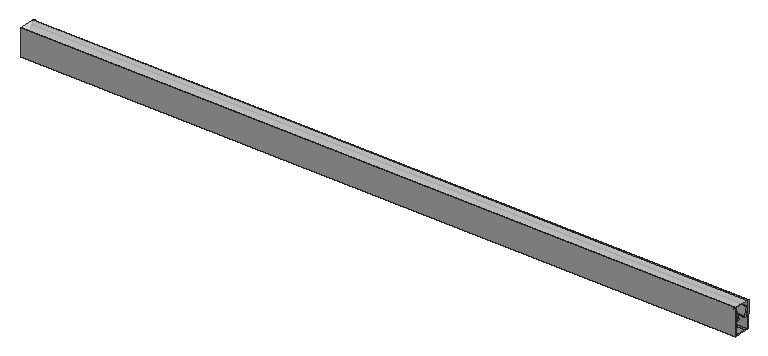
Revit family "2093123 Sylvania Lighting Fixture MC2 2-4M 3K DALI WHT OPAL Surface", category Lighting Fixtures, host Face, Revit 2016
Family settings
  Host = Face
  Part Type = Normal
  Round Connector Dimension = Use Diameter
  OmniClass Number = 23.80.70.11.17
  OmniClass Title = Specialized Lighting by Location or Use
  Cut with Voids When Loaded = No
  Light Source = Yes
  Shared = No
  Room Calculation Point = No
Parameters (values of type "2093123 MC2 2.4M 3K DALI WHT OPAL Surface")
  Width_SYL = 54.0 mm
  Weight = "5.0 kg"
  Wattage = 42 W
  WarrantyStartDate [instance] = "n/a"
  WarrantyGuarantorParts = "n/a"
  WarrantyDurationUnit = "n/a"
  WarrantyDurationParts = "n/a"
  WarrantyDescription = "n/a"
  built-in parameter 1150110 = 1 (stored number, unit not read)
  Voltage = 0 V
  URL = "http://www.sylvania-lighting.com"
  TypeName = "MC2 2.4M 3K DALI WHT OPAL Surface"
  built-in parameter 1114217 = 1 (stored number, unit not read)
  Tilt Angle = -90.00°
  built-in parameter 1150109 = 1 (stored number, unit not read)
  built-in parameter 1150134 = (empty or 0)
  built-in parameter 1150113 = 1 (stored number, unit not read)
  SerialNumber [instance] = "n/a"
  PowerFactor = 0.98
  PowerConsumption = "42 W"
  NominalWidth = 0.0 mm
  NominalLength = 2400.0 mm
  NominalHeight = 86.0 mm
  Name = "MC2 2.4M 3K DALI WHT OPAL Surface"
  ModelReference = "MC2 2.4M 3K DALI WHT OPAL Surface"
  ModelNumber = "2093123"
  Material_3_SYL = Metal_Sylvania_Mini Contiuum II_Silver
  Photometric Web File = "2093123.ies"
  Material_4_SYL = Metal_Sylvania_Mini Contiuum II_Silver
  Material = "aluminium housing, polycarbonate diffuser"
  ManufacturerName = "Feilo Sylvania"
  LuminousEfficacy = "105 lm/W"
  LuminaireType = ""
  LightOutputRatio = "100"
  Length_SYL = 2400.0 mm
  LampsType = Lamp  # "LED"
  LampNominalLuminous = "4414 lm"
  LampMacAdamStep = "3"
  LampColourTemperature = "3000 K"
  LampColourRenderingIndex = "80"
  Keynote = "16500"
  InstallationDate [instance] = "n/a"
  InputVoltage = "n/a"
  InputNominalFrequency = "n/a"
  IngressProtection = "IP20"
  ImpactProtectionIndex = "n/a"
  IfcExportType = "IfcLightFixtureType"
  IfcExportAs = "IfcLightFixtureType"
  Height_SYL = 86.0 mm
  ExpectedLife = 50000
  EndCapRight_SYL [instance] = no
  EndCapLeft_SYL [instance] = no
  Emit from Rectangle Width = Width_SYL - 2.0 mm  # 52.0 mm
  Emit from Rectangle Length = Length_SYL  # 2400.0 mm
  Emit Shape Visible in Rendering = no
  ElectricShockClassification = "Class I"
  DurationUnit = "hours"
  DocumentationLiterature = "http://www.sylvania-lighting.com/product/en-int/products/2093123"
  DimmingControlOptions = "n/a"
  CreatedOn = "10/15/2018"
  CreatedBy = "@sylvania-lighting.com"
  built-in parameter 1114216 [instance] = 1 (stored number, unit not read)
  Model = "MC2 2.4M 3K DALI WHT OPAL Surface"
  Manufacturer = "Feilo Sylvania"
  built-in parameter 1150105 = 350.94 (stored number, unit not read)
  Lumens = 4410 lm
  built-in parameter 1150115 = 1 (stored number, unit not read)
  built-in parameter 1150137 = (empty or 0)
  built-in parameter 1150139 = (empty or 0)
  built-in parameter 1150112 = 1 (stored number, unit not read)
  built-in parameter 1150114 = 1 (stored number, unit not read)
  Lamp = "LED"
  built-in parameter 1150132 = 2
  built-in parameter 1150102 = (empty or 0)
  built-in parameter 1150107 = 3000 (stored number, unit not read)
  built-in parameter 1150138 = (empty or 0)
  built-in parameter 1150106 = 3.5094 (stored number, unit not read)
  Material_1_SYL = Metal_Sylvania_Mini Continuum II_White
  built-in parameter 1150104 = 9.7548 (stored number, unit not read)
  Dimming Lamp Color Temperature Shift = <None>
  Material_2_SYL = Polycarbonate_Sylvania_Mini Continuum II_Opal_4000K
  Description = "2093123   MC2 2.4M 3K DALI WHT OPAL  Continuous lines of LED light, white RAL 9016, direct distribution, trimless detail for a seamless finish, suitable for recessed, semi-recessed, surface-mounted or suspended installation either horizontally or vertically, various accessories available, compact and minimalist design based on the Golden Mean, ideal for offices, meeting rooms, corridors, education facilities, museums and libraries, extruded aluminium body, diffuser: opal, colour temperature: 3000K warm white, total system power: 42W, total fixture output: 4414lm, luminaire efficacy: 105lm/W, LOR: 100%, colour rendering: Ra >80, LED Chromacity: 1 step MacAdam ellipse, lifetime: 60,000 hours at 90% of the original output (L90), energy class: A++, A+, A, IR/UV free light source without heat radiation, operating voltage: 220-240V / 50-60Hz, drive current: 800mA, electronic driver, DALI dimmable, electrical protection: CLASS I, IP20, suitable for internal environment only."
  Default Elevation = 0.0 mm
  Color Filter = 16777215
  built-in parameter 1140040 [instance] = 1
  BarCode [instance] = "n/a"
  built-in parameter 1114218 = 1 (stored number, unit not read)
  built-in parameter 1150133 = 10 (stored number, unit not read)
  AssetType = "Fixed"
  AssetIdentifier [instance] = "n/a"
  Assembly Code = "D5020200"
  Apparent Load = 42 VA
Reference planes
  plane 1 "Center (Front/Back)": y = 0
  plane 2 "Bottom Fixtures": z = 0
  plane 3 "Center (Left/Right)": x = 0
  plane 4 "Fixture Left": x = -1200
  plane 5 "Fixture Right": x = 1200
  plane 6 "Fixture Bottom": z = 86
  plane 7: z = 84
  plane 8: z = 82
  plane 9: z = 72.951
  plane 10: z = 42.951
  plane 11 "Fixture Top": z = 0
  plane 12 "Mounting Right": x = 1172
  plane 13 "Mounting Left": x = -1172
  plane 14: y = 27
  plane 15: y = -27
  plane 16: y = -26
  plane 17: y = -25
  plane 18: y = 26
  plane 19: y = 25
  plane 20: y = 11
  plane 21: y = -11
  plane 22: y = 24
  plane 23: y = 22
  plane 24: y = -22
  plane 25: y = 15
  plane 26: y = -15
  plane 27 "Upper Diffuser Left": x = -1050
  plane 28 "Upper Diffuser Right": x = 1050
  plane 29: x = -1202
  plane 30: x = 1202
Forms (mm)
  Extrusion 1, solid, material "Metal_Sylvania_Mini Continuum II_White" <- "Material_1_SYL", detail levels fine
    sketch origin (0, 0, 520) x (0, 1, 0) y (0, 0, 1)
      loop
        line (27, -434) -> (26, -434) -> (26, -436) -> (25, -436) -> (25, -518) -> (13, -518) -> (13, -516) -> (-13, -516) -> (-13, -518) -> (-25, -518) -> (-25, -436) -> (-26, -436) -> (-26, -434) -> (-27, -434) -> (-27, -520) -> (-11, -520) -> (-11, -518) -> (11, -518) -> (11, -520) -> (27, -520) -> (27, -434)
    from -1200 to 1200
  Extrusion 2, solid, material "Polycarbonate_Sylvania_Mini Continuum II_Opal_4000K" <- "Material_2_SYL", detail levels fine
    sketch origin (0, 0, 520) x (0, 1, 0) y (0, 0, 1)
      loop
        line (-26, -434) -> (-26, -436) -> (26, -436) -> (26, -434) -> (-26, -434)
    from -1200 to 1200
  Extrusion 3, solid, material "Metal_Sylvania_Mini Contiuum II_Silver" <- "Material_3_SYL", detail levels fine
    sketch origin (0, 0, 520) x (0, 1, 0) y (0, 0, 1)
      loop
        line (22, -447.049) -> (20.973, -447.049) -> (14.206, -476.049) -> (11, -476.049) -> (11, -477.049) -> (15, -477.049) -> (22, -447.049)
      loop
        line (-15, -477.049) -> (-11, -477.049) -> (-11, -476.049) -> (-14.206, -476.049) -> (-20.973, -447.049) -> (-22, -447.049) -> (-15, -477.049)
    from -1200 to 1200
  Extrusion 4, solid, material "Metal_Sylvania_Mini Continuum II_White" <- "Material_1_SYL", detail levels coarse+medium
    sketch origin (0, 0, 520) x (0, 1, 0) y (0, 0, 1)
      loop
        line (-27, -434) -> (-27, -520) -> (27, -520) -> (27, -434) -> (-27, -434)
    from -1200 to 1200
  Extrusion 5, solid, material "Metal_Sylvania_Mini Continuum II_White" <- "Material_1_SYL", visible <- "EndCapLeft_SYL"
    sketch origin (-1200, 171.684, 1219.2) x (0, 1, 0) y (0, 0, 1)
      loop
        line (-198.684, -1219.2) -> (-144.684, -1219.2) -> (-144.684, -1133.2) -> (-198.684, -1133.2) -> (-198.684, -1219.2)
    from 0 to -2
  Extrusion 6, solid, material "Metal_Sylvania_Mini Continuum II_White" <- "Material_1_SYL", visible <- "EndCapRight_SYL"
    sketch origin (1200, 171.684, 1219.2) x (0, 1, 0) y (0, 0, -1)
      loop
        line (-144.684, 1133.2) -> (-144.684, 1219.2) -> (-198.684, 1219.2) -> (-198.684, 1133.2) -> (-144.684, 1133.2)
    from 0 to -2
Lines and regions (mm)
  Masking region 1
    outline origin (0, 0, -86) x (-1, 0, 0) y (0, -1, 0)
      loop
        line (1200, -27) -> (1200, 27) -> (-1200, 27) -> (-1200, -27) -> (1200, -27)
  symbolic lines, detail levels fine
    curve 1: line (-1200, 26, -86) -> (1200, 26, -86)
    curve 2: line (-1200, -26, -86) -> (1200, -26, -86)
Dimensions and locks
  host sketch curve to plane 3 "Center (Left/Right)" to host sketch curve = 820.0 mm, 775.047 mm
  equal spacing: plane 4 "Fixture Left", plane 3 "Center (Left/Right)", plane 5 "Fixture Right"
  "Length_SYL": plane 4 "Fixture Left" to plane 5 "Fixture Right"
  plane 6 "Fixture Bottom" to plane 7 to plane 8 to plane 9 to plane 10 = 2.0 mm locked, 2.0 mm locked, 9.049 mm locked, 30.0 mm locked
  locked: Extrusion 1 sketch curve to Extrusion 1 sketch curve at 2
  locked: Extrusion 1 sketch curve to plane 11 "Fixture Top" at 2
  "Height_SYL": plane 6 "Fixture Bottom" to plane 11 "Fixture Top"
  locked: plane 12 "Mounting Right" to plane 5 "Fixture Right" at 28
  locked: plane 4 "Fixture Left" to plane 13 "Mounting Left" at 28
  plane 6 "Fixture Bottom" to plane 2 "Bottom Fixtures" = 86.0 mm
  equal spacing: plane 14, plane 1 "Center (Front/Back)", plane 15
  "Width_SYL": plane 14 to plane 15
  plane 21 to plane 26 to plane 24 to plane 17 to plane 16 to plane 15 = 4.0 mm locked, 7.0 mm locked, 3.0 mm locked, 1.0 mm locked, 1.0 mm locked
  plane 14 to plane 18 to plane 19 to plane 22 to plane 23 to plane 25 to plane 20 = 1.0 mm locked, 1.0 mm locked, 1.0 mm locked, 2.0 mm locked, 7.0 mm locked, 4.0 mm locked
  locked: plane 4 "Fixture Left" to plane 27 "Upper Diffuser Left" at 150
  locked: plane 28 "Upper Diffuser Right" to plane 5 "Fixture Right" at 150
  equal spacing: plane 29, plane 3 "Center (Left/Right)", plane 30
  locked: plane 29 to plane 4 "Fixture Left" at 2
  aligned and locked: plane 2 "Bottom Fixtures" to host face
  aligned and locked: level to host face
  aligned and locked: plane 5 "Fixture Right" to curve 1
  aligned and locked: plane 4 "Fixture Left" to curve 1
  aligned and locked: plane 4 "Fixture Left" to curve 2
  aligned and locked: plane 5 "Fixture Right" to curve 2
  aligned and locked: Extrusion 1 sketch curve to plane 7
  aligned and locked: plane 6 "Fixture Bottom" to Extrusion 1 sketch curve  (x2)
  aligned and locked: plane 7 to Extrusion 1 sketch curve
  aligned and locked: Extrusion 1 to Extrusion 2 sketch curve
  aligned and locked: Extrusion 2 sketch curve to Extrusion 1  (x3)
  aligned and locked: Extrusion 3 sketch curve to plane 10
  aligned and locked: plane 9 to Extrusion 3 sketch curve
  aligned and locked: Extrusion 3 sketch curve to plane 9
  aligned and locked: Extrusion 4 sketch curve to plane 6 "Fixture Bottom"
  aligned and locked: Extrusion 4 to plane 4 "Fixture Left"
  aligned and locked: Extrusion 2 to plane 4 "Fixture Left"
  aligned and locked: Extrusion 3 to plane 4 "Fixture Left"
  aligned and locked: Extrusion 1 to plane 4 "Fixture Left"
  aligned and locked: Extrusion 4 to plane 5 "Fixture Right"
  aligned and locked: Extrusion 2 to plane 5 "Fixture Right"
  aligned and locked: Extrusion 3 to plane 5 "Fixture Right"
  aligned and locked: Extrusion 1 to plane 5 "Fixture Right"
  aligned and locked: plane 11 "Fixture Top" to Extrusion 4 sketch curve
  aligned and locked: Extrusion 1 sketch curve to plane 11 "Fixture Top"  (x2)
  aligned and locked: Extrusion 1 sketch curve to Extrusion 1 sketch curve
  aligned and locked: plane 6 "Fixture Bottom" to imposter light
  aligned and locked: plane 20 to Extrusion 3 sketch curve
  aligned and locked: Extrusion 3 sketch curve to plane 21
  aligned and locked: Extrusion 5 sketch curve to Extrusion 4  (x4)
  aligned and locked: Extrusion 5 to plane 29
  aligned and locked: plane 4 "Fixture Left" to Extrusion 5
  aligned and locked: Extrusion 6 sketch curve to Extrusion 4  (x4)
  aligned and locked: plane 30 to Extrusion 6
  aligned and locked: plane 5 "Fixture Right" to Extrusion 6
Automatic sketch dimensions
  host sketch curve to host sketch curve = 1047.463 mm
  plane 18 to curve 1 = 0.0 mm
  curve 2 to plane 16 = 0.0 mm
  Masking region 1 sketch curve to plane 5 "Fixture Right" = 0.0 mm
  Masking region 1 sketch curve to plane 4 "Fixture Left" = 0.0 mm
  plane 14 to Masking region 1 sketch curve = 0.0 mm
  Masking region 1 sketch curve to plane 15 = 0.0 mm
  Extrusion 1 sketch curve to plane 15 = 0.0 mm
  Extrusion 1 sketch curve to plane 16 = 0.0 mm
  Extrusion 1 sketch curve to plane 17 = 0.0 mm
  Extrusion 1 sketch curve to plane 21 = 0.0 mm
  Extrusion 1 sketch curve to plane 20 = 0.0 mm
  Extrusion 1 sketch curve to plane 19 = 0.0 mm
  Extrusion 1 sketch curve to plane 18 = 0.0 mm
  Extrusion 1 sketch curve to plane 14 = 0.0 mm
  plane 11 "Fixture Top" to Extrusion 1 sketch curve = 2.0 mm
  Extrusion 1 sketch curve to plane 21 = 2.0 mm
  Extrusion 1 sketch curve to plane 20 = 2.0 mm
  Extrusion 3 sketch curve to plane 24 = 0.0 mm
  Extrusion 3 sketch curve to plane 26 = 0.0 mm
  Extrusion 3 sketch curve to plane 25 = 0.0 mm
  Extrusion 3 sketch curve to plane 23 = 0.0 mm
  plane 10 to Extrusion 3 sketch curve = 1.0 mm
  Extrusion 3 sketch curve to Extrusion 3 sketch curve = 1.027 mm
  plane 26 to Extrusion 3 sketch curve = 0.794 mm
  plane 25 to Extrusion 3 sketch curve = 0.794 mm
  plane 23 to Extrusion 3 sketch curve = 1.027 mm
  Extrusion 4 sketch curve to plane 15 = 0.0 mm
  Extrusion 4 sketch curve to plane 14 = 0.0 mm
  Extrusion 3 sketch curve to Extrusion 3 sketch curve = 0.0 mm
  Extrusion 3 sketch curve to plane 10 = 0.0 mm
Connectors
  electrical at (1200, 0, 35), driven by "Apparent Load"
    settings: on Extrusion 1, index 1, voltage 230 V, apparent load 0 VA, apparent load phase1 42 VA, apparent load phase2 0 VA, apparent load phase3 0 VA, power factor 1, load classification "Lighting", number of poles 1, system type 31, power factor state 1, is connector primary yes, connector utility no, sub classification motor no, connector description ""
